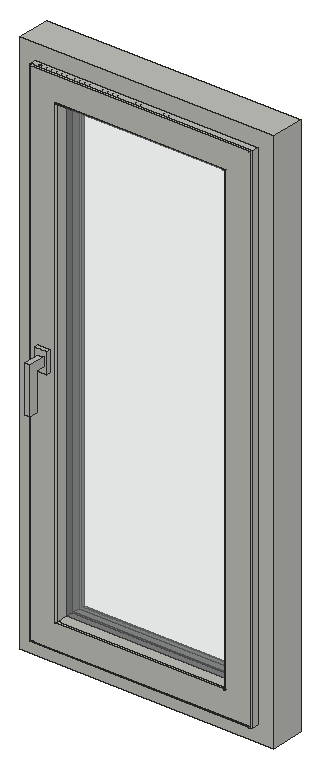
Revit family "2021_ES_Ventana_Replus_RE80-PVC-i30-10100", category Windows, host Wall, Revit 2021
Family settings
  Host = Wall
  OmniClass Number = 23.30.20.00
  OmniClass Title = Windows
  Always vertical = Yes
  Cut with Voids When Loaded = No
  Shared = No
  Room Calculation Point = No
Parameters (values of type "10100")
  Ι_Wll Thcknss [instance] = 200.000 mm
  Ι_Wdth Cntrl = if(Width < 429.000 mm, 429.000 mm, if(Width > 1514.000 mm, 1514.000 mm, Width))  # 600.000 mm
  Ι_Nst Cntrl [instance] = if(Retranqueo > Ι_Wll Thcknss - 80.000 mm, Ι_Wll Thcknss - 80.000 mm, if(Retranqueo = Ι_Wll Thcknss - 80.000 mm, Ι_Wll Thcknss - 80.000 mm, Retranqueo))  # 0.000 mm
  Ι_Hndl Hght Cntrl = if(Altura de Manilla < 200.000 mm, 200.000 mm, if(Altura de Manilla > Ι_Hght Cntrl - 200.000 mm, Ι_Hght Cntrl - 200.000 mm, Altura de Manilla))  # 650.000 mm
  Ι_Hght Cntrl = if(Height < 429.000 mm, 429.000 mm, if(Height > 2658.000 mm, 2658.000 mm, Height))  # 1300.000 mm
  Zona = ""
  Visibilidad Líneas Apertura - Planta = yes
  Visibilidad Líneas Apertura - Alzado = yes
  Vida Util Esperada = ""
  Version Estandar GDO-BIM = "GDO-BIM V02"  # constant formula
  Version = "RVT2021"  # constant formula
  Verano de transmitancia termica = 0
  Unidad Medicion = ""
  Unidad = ""
  Uniclass2015 Titulo = ""
  Uniclass2015 Codigo = ""
  URL de Declaracion de Prestaciones = ""
  URL Producto = "https://replus.es/bim/"
  URL Perfil BIM = "https://bimetica.com/es/objeto-bim-replus-ventana-re80-pvc-i30-1-hoja-oscilobatiente-11099.html"
  URL = "https://replus.es/"
  UNSPSC Titulo = "Windows"  # constant formula
  UNSPSC Codigo = "30171600"  # constant formula
  Transmitancia termica invierno = 0
  Transmitancia solar = 0
  Transmitancia de ganancia de calor solar = 0
  Transmision de luz visible = 0
  Titular = "Regicarp, S.L."  # constant formula
  Tipo Embalaje Proteccion = ""
  Tiene antepecho interno = no
  Tiene antepecho externo = no
  Tiempo Util De Vida = ""
  Tiempo Medio Entre Fallos = ""
  Telefono Contacto = "+34 966544310"  # constant formula
  Soporte tecnico BIM = "https://bimsupport.info/es/fabricantes/regicarp-replus-bim/"
  Sistema = ""
  Serie = ""
  Responsable Seguridad = ""
  Responsable Prescripcion = ""
  Responsable Compra = ""
  Residuos Peligrosos por Unidad = 0
  Residuos No Peligrosos por Unidad = 0
  Residuo Radioactivo por Unidad = 0
  Residuo Inerte por Unidad = 0
  Reflectancia solar = 0
  Reflectancia de luz visible = 0
  Referencia Unidad Funcional = ""
  Referencia Lote = ""
  Referencia Contacto Soporte Tecnico = ""
  Referencia Contacto Comercial Venta = ""
  Referencia = "RE 80/PVC/i30"
  Punto de Contacto = ""
  Proteccion con Malla = no
  Plataforma descaga contenido BIM = "www.bimetica.com"
  Periodo Garantia = ""
  Partida URL = ""
  Pais de Venta = ""
  Omniclass Titulo = "Plastic Windows"  # constant formula
  Omniclass Codigo = "23-17 13 17"  # constant formula
  Numero de Licencia = "XXXXXXXX8182 / No-aportada por bimboject AB (anterior)"  # constant formula
  Numero de Declaracion de Prestaciones = ""
  Numero Serie = ""
  Numero Articulo Global Comercial = ""
  Numero Articulo = ""
  Nivel de Riesgo = ""
  Material Envoltura = ""
  Material Contenedor = ""
  Material = PVC - Replus - 9152 - White
  Masterformat Titulo = "Plastic Windows"  # constant formula
  Masterformat Codigo = "08 53 00"  # constant formula
  Marcado CE = yes
  Mantenimiento = ""
  Lugar Ensamblaje = ""
  Instrucciones Especiales = ""
  Informacion Tecnica = ""
  IfcExportType = "Oscilobatiente"
  IfcExportAs = "IfcWindow"  # constant formula
  Identificador Garantia = ""
  Historial = "(RVT2021) Actualización GDO-BIM (RVT2015) Creacion de Elemento"
  Gubimclass Titulo = "Ventanas de fachadas"  # constant formula
  Gubimclass Codigo = "30.10.20.10"  # constant formula
  Gas de Relleno = ""
  Garantia Extendida = no
  Fuente Datos LCA = ""
  Formacion Fotoquimica Ozono por Unidad = 0
  Fecha Vencimiento Elemento BIM = ""
  Fecha Suministro = ""
  Fecha Inicio Garantia = ""
  Fecha Fin Garantia = ""
  Fecha Evaluacion = ""
  Fecha Emision Elemento BIM = ""
  Fecha Compra = ""
  Fecha Colocacion = ""
  Fase Ciclo Vida = ""
  Falta de Recursos por Unidad = 0
  Exclusiones = ""
  Eutrofizacion por Unidad = 0
  Etiqueta Modelo = ""
  Estandar seguridad = ""
  Espesor de vidrio 3 = 0.000 mm
  Espesor de vidrio 2 = 0.000 mm
  Espesor de vidrio 1 = 0.000 mm
  Espacio libre acceso = 0.000 mm
  Espacio = ""
  Es templado = no
  Es recubierto = no
  Es laminado = no
  Es Exterior = yes
  Es Accesible = no
  Energia consumida = 0
  Energia Renovable Consumida por Unidad = 0
  Energia Primaria Total Consumida por Unidad = 0
  Energia No Renovable Consumida por Unidad = 0
  Email Contacto = "info@replus.es"  # constant formula
  Destruccion Capa Ozono Estratosferica por Unidad = 0
  Descripcion Evaluacion = ""
  Dependiente De = ""
  Declaracion Ambiental de Producto URL = ""
  Creditos LEED = ""
  Creditos BREEAM = ""
  Coste Mantenimiento = 0
  Contenido Garantia = ""
  Contacto = ""
  Condiciones de Venta = ""
  Condiciones Evaluacion = ""
  Color de vidrio = ""
  Coeficiente de sombreado = 0
  Codigo Barras = ""
  Codigo = ""
  Clasificacion de carga de viento = ""
  Capas de vidrio = 0
  Cambio Climatico por Unidad = 0
  COBie Categoria = "IfcWindow"
  Base Precio Producto 03 = ""
  Base Precio Producto 02 = ""
  Base Precio Producto 01 = ""
  Autor = "Bimetica Parametric Design Services S.L. (actual) / bimobject AB (anterior)"
  Ano Produccion = ""
  Rough Width = Ι_Wdth Cntrl + 2 * Hueco  # 620.000 mm
  Altura minima requerida = 0.000 mm
  Rough Height = Ι_Hght Cntrl + 2 * Hueco  # 1320.000 mm
  Retranqueo [instance] = 0.000 mm
  Product data url = ""
  Product Material = PVC - Replus - 9152 - White
  Product Guid = ""
  Model = "10100"
  Material secondary = "Glass"
  Material main = "PVC"
  Manufacturer = "Replus"
  Keynote = "08500"
  I_Lf_Cntrl = Ι_Wdth Cntrl - 2.000 mm * 36.8  # 526.400 mm
  Hueco = 10.000 mm
  Height = 1300.000 mm
  Exceso Dimensiones = or(and(Height < 429.000 mm, Advertencia Dimensión), and(Width < 429.000 mm, Advertencia Dimensión), and(Width > 1514.000 mm, Advertencia Dimensión), and(Height > 2658.000 mm, Advertencia Dimensión))  # no
  Edition number = 1
  Description = "Perfiles de hoja oculta en PVC, mejorando sustancialmente el campo visual, con triple junta (mediante junta rigida en el marco) protegiendo de esta manera todos los puntos de cierre, aumentando la seguridad y proporcionando una junta perimetral completa, con perfilería de clasificación máxima S-II-A"
  Default Sill Height = 800.000 mm
  Wall Closure = By host
  Width = 600.000 mm
  Assembly Code = "B2020100"
  Analytic Construction = "<None>"
  Altura de Manilla = 650.000 mm
  Agua Consumida por Unidad = 0
  Advertencia Dimensión = yes
  Acidificacion Atmosferica por Unidad = 0
  Acabado = ""
  Absorcion solar = 0
Reference planes
  plane 1 "Center (Front/Back)": y = 0
  plane 2 "Center (Left/Right)": x = 0
  plane 3 "Left": x = -310
  plane 4 "Right": x = 310
  plane 5 "Sill": z = 800
  plane 6 "Head": z = 2120
  plane 7 "Exterior": y = 100
  plane 8 "Interior": y = -100
  plane 9: x = -300
  plane 10: x = 300
  plane 11 "Inset": y = -20
  plane 12: z = 2110
  plane 13: z = 810
  plane 14: x = -263.2
  plane 15: x = 263.2
  plane 16: z = 2073.2
  plane 17: z = 846.8
  plane 18: z = 1994.002
  plane 19: z = 910.8
  plane 20: x = 197.2
  plane 21: z = 1460
  plane 22: x = 228.2
  plane 23: x = -228.2
  plane 24: x = 0
  plane 25: y = -55
  plane 26: y = -104.304
  plane 27: y = 500
  plane 28: y = -50
  plane 29: x = -199.2
  plane 30: x = 184.002
  plane 31: y = -38.5
  plane 32: y = -118.5
  plane 33 "g3": z = 900.8
  plane 34: y = -78.5
  plane 35: x = -208.128
  plane 36: y = -106.5
  plane 37: z = 894.8
  plane 38: z = 2025.2
  plane 39: y = -42.5
  plane 40: x = 199.2
  plane 41: y = -46.5
  plane 42: y = -64.5
  plane 43: y = -68.5
  plane 44: y = -86.5
  plane 45: y = -90.5
  plane 46: x = -215.2
  plane 47: x = 215.2
  plane 48: x = 220.2
  plane 49: x = -220.2
  plane 50: z = 2009.2
  plane 51: z = 2030.2
  plane 52: z = 889.8
  plane 53: y = -100
Forms (mm)
  Sweep 1, solid, material "PVC - Replus - 9152 - White" <- "Product Material", detail levels fine
    path origin (0, -20, 0) x (-1, 0, 0) y (0, 0, 1)
      loop
        line (300, 2110) -> (-300, 2110) -> (-300, 810) -> (300, 810) -> (300, 2110)
    profile origin (-300, -20, 1460) x (1, 0, 0) y (0, 1, 0)
      loop
        line (0, -80) -> (43.8, -80)
        arc (43.8, -80) -> (44.507, -79.707) -> (44.8, -79) r 1
        line (44.8, -79) -> (44.8, -38) -> (63.811, -38) -> (63.811, -18.5) -> (75.767, -18.5)
        arc (75.767, -18.5) -> (76.56, -18.109) -> (76.733, -17.241) r 1
        line (76.733, -17.241) -> (72.709, -2.224)
        arc (72.709, -2.224) -> (71.637, -0.62) -> (69.811, 0) r 3
        line (69.811, 0) -> (0, 0) -> (0, -80)
  Sweep 2, solid, material "PVC - Replus - 9152 - White" <- "Product Material", detail levels medium
    path origin (0, -20, 0) x (-1, 0, 0) y (0, 0, 1)
      loop
        line (300, 2110) -> (-300, 2110) -> (-300, 810) -> (300, 810) -> (300, 2110)
    profile origin (-300, -20, 1460) x (1, 0, 0) y (0, 1, 0)
      loop
        line (0, -80) -> (56.8, -80) -> (56.8, -42) -> (69.8, -42) -> (69.8, -18.5) -> (76.662, -18.5) -> (76.662, 0) -> (0, 0) -> (0, -80)
  Sweep 3, solid, material "PVC - Replus - 9152 - White" <- "Product Material", detail levels coarse
    path origin (0, -20, 0) x (-1, 0, 0) y (0, 0, 1)
      loop
        line (300, 2110) -> (-300, 2110) -> (-300, 810) -> (300, 810) -> (300, 2110)
    profile origin (-300, -20, 1460) x (1, 0, 0) y (0, 1, 0)
      loop
        line (0, -80) -> (56.8, -80) -> (56.8, -18.5) -> (76.662, -18.5) -> (76.662, 0) -> (0, 0) -> (0, -80)
  Sweep 4, solid, material "PVC - Replus - 9152 - White" <- "Product Material", detail levels fine
    path origin (0, -20, 0) x (-1, 0, 0) y (0, 0, 1)
      loop
        line (263.2, 2073.2) -> (-263.2, 2073.2) -> (-263.2, 846.8) -> (263.2, 846.8) -> (263.2, 2073.2)
    profile origin (-263.2, -20, 1460) x (1, 0, 0) y (0, 1, 0)
      loop
        line (33, -32.5) -> (33, -42) -> (27.5, -42) -> (20, -42) -> (20, -80) -> (7.5, -80) -> (0, -80) -> (0, -95.5)
        arc (0, -95.5) -> (0.879, -97.621) -> (3, -98.5) r 3
        line (3, -98.5) -> (61, -98.5)
        arc (61, -98.5) -> (63.121, -97.621) -> (64, -95.5) r 3
        line (64, -95.5) -> (64, -70.5) -> (43, -70.5) -> (43, -22.5) -> (40.495, -22.5) -> (33, -22.5) -> (33, -32.5)
  Sweep 5, solid, material "PVC - Replus - 9152 - White" <- "Product Material", detail levels medium
    path origin (0, -20, 0) x (-1, 0, 0) y (0, 0, 1)
      loop
        line (263.2, 2073.2) -> (-263.2, 2073.2) -> (-263.2, 846.8) -> (263.2, 846.8) -> (263.2, 2073.2)
    profile origin (-263.2, -20, 1460) x (1, 0, 0) y (0, 1, 0)
      loop
        line (20, -42) -> (20, -80) -> (0, -80) -> (0, -98.5) -> (64, -98.5) -> (64, -70.5) -> (43, -70.5) -> (43, -22.5) -> (33, -22.5) -> (33, -42) -> (20, -42)
  Sweep 6, solid, material "PVC - Replus - 9152 - White" <- "Product Material", detail levels coarse
    path origin (0, -20, 0) x (-1, 0, 0) y (0, 0, 1)
      loop
        line (263.2, 2073.2) -> (-263.2, 2073.2) -> (-263.2, 846.8) -> (263.2, 846.8) -> (263.2, 2073.2)
    profile origin (-263.2, -20, 1460) x (1, 0, 0) y (0, 1, 0)
      loop
        line (20, -75.1) -> (20, -80) -> (7.5, -80) -> (0, -80) -> (0, -98.5) -> (64, -98.5) -> (64, -18.5) -> (43, -18.5) -> (40.495, -18.5) -> (20, -18.5) -> (20, -75.1)
  Extrusion 7, solid, material "Glass - Replus", detail levels fine
    sketch origin (0, 0, 0) x (1, 0, 0) y (0, 1, 0)
      loop
        line (-215.2, -42.5) -> (-215.2, -46.5) -> (215.2, -46.5) -> (215.2, -42.5) -> (-215.2, -42.5)
      loop
        line (-215.2, -64.5) -> (-215.2, -68.5) -> (215.2, -68.5) -> (215.2, -64.5) -> (-215.2, -64.5)
      loop
        line (-215.2, -86.5) -> (-215.2, -90.5) -> (215.2, -90.5) -> (215.2, -86.5) -> (-215.2, -86.5)
    from 894.8 to 2025.2
  Extrusion 8, solid, material "Glass - Replus", detail levels medium
    sketch origin (0, 0, 0) x (1, 0, 0) y (0, 1, 0)
      loop
        line (-220.2, -42.5) -> (-220.2, -90.5) -> (220.2, -90.5) -> (220.2, -42.5) -> (-220.2, -42.5)
    from 889.8 to 2030.2
  Sweep 9, solid, material "Rubber - Replus - Black", detail levels fine
    path origin (0, -20, 0) x (-1, 0, 0) y (0, 0, 1)
      loop
        line (263.2, 2073.2) -> (-263.2, 2073.2) -> (-263.2, 846.8) -> (263.2, 846.8) -> (263.2, 2073.2)
    profile origin (-263.2, -20, 1460) x (1, 0, 0) y (0, 1, 0)
      loop
        line (54.013, -66.5) -> (60, -66.5) -> (60, -48.5) -> (54.013, -48.5) -> (54.013, -66.5)
      loop
        line (54, -44.5) -> (60, -44.5) -> (60, -26.5) -> (54, -26.5) -> (54, -44.5)
  Extrusion 10, solid, material "Glass - Replus", detail levels coarse
    sketch origin (0, 0, 0) x (1, 0, 0) y (0, 1, 0)
      loop
        line (-199.2, -38.5) -> (-199.2, -118.5) -> (199.2, -118.5) -> (199.2, -38.5) -> (-199.2, -38.5)
    from 910.8 to 2009.2
  Sweep 11, solid, material "Rubber - Replus - Black", detail levels medium+fine
    path origin (0, -20, 0) x (-1, 0, 0) y (0, 0, 1)
      loop
        line (263.2, 2073.2) -> (-263.2, 2073.2) -> (-263.2, 846.8) -> (263.2, 846.8) -> (263.2, 2073.2)
    profile origin (-263.2, -20, 1460) x (1, 0, 0) y (0, 1, 0)
      loop
        line (33, -18.5) -> (33, -22.5) -> (64, -22.5) -> (64, -18.5) -> (33, -18.5)
Lines and regions (mm)
  Opening 1
    outline origin (3500, -100, 0) x (1, 0, 0) y (0, 0, 1)
      loop
        line (-3190, 800) -> (-3190, 2120) -> (-3810, 2120) -> (-3810, 800) -> (-3190, 800)
  symbolic lines, style "Hidden Lines Black", visible <- "Visibilidad Líneas Apertura - Alzado"
    curve 1: line (0, -20, 1994.002) -> (-199.2, -20, 910.8)
    curve 2: line (0, -20, 1994.002) -> (184.002, -20, 910.8)
    curve 3: line (-199.2, -20, 1460) -> (184.002, -20, 1994.002)
    curve 4: line (-199.2, -20, 1460) -> (184.002, -20, 910.8)
  symbolic lines, detail levels coarse
    curve 5: line (-199.2, -78.5, 0) -> (199.2, -78.5, 0)
    curve 6: line (-310, -78.5, 2009.2) -> (-310, -78.5, 910.8)
  symbolic lines, visible <- "Visibilidad Líneas Apertura - Planta"
    curve 7: line (263.2, -118.5, 0) -> (263.2, -645.224, 0)
    curve 8: arc (-263.2, -118.5, 0) -> (-109.136, -490.93, 0) -> (263.2, -645.224, 0) r 526.4
  model lines, style "Hidden Lines Black", visible <- "Visibilidad Líneas Apertura - Alzado"
    curve 9: line (0, -57, 1994.002) -> (-199.2, -57, 910.8)
    curve 10: line (0, -57, 1994.002) -> (184.002, -57, 910.8)
    curve 11: line (-199.2, -57, 1460) -> (184.002, -57, 1994.002)
    curve 12: line (-199.2, -57, 1460) -> (184.002, -57, 910.8)
Text (mm)
  text "EXTERIOR" at (-1963.203, 1332.353, 0), in view "Ref. Level"
  text "INTERIOR" at (-1981.466, -818.386, 0), in view "Ref. Level"
  text "Exterior" at (0, 923.751, 2943.296), in view "Right"
  text "Exterior" at (0, 1040.484, 2685.409), in view "Left"
Dimensions and locks
  equal spacing: plane 3 "Left", plane 2 "Center (Left/Right)", plane 4 "Right"
  "Ι_Wdth Cntrl": plane 9 to plane 10
  "Ι_Hght Cntrl": plane 13 to plane 12
  "Default Sill Height": plane 5 "Sill" to level
  locked: plane 7 "Exterior" to host wall
  locked: plane 8 "Interior" to host wall
  "Hueco": plane 3 "Left" to plane 9
  "Hueco": plane 10 to plane 4 "Right"
  "Hueco": plane 6 "Head" to plane 12
  "Hueco": plane 13 to plane 5 "Sill"
  locked: plane 9 to plane 14 at 36.8
  locked: plane 15 to plane 10 at 36.8
  locked: plane 12 to plane 16 at 36.8
  locked: plane 17 to plane 13 at 36.8
  locked: plane 12 to plane 18 at 115.998
  locked: plane 20 to plane 10 at 102.8
  locked: plane 22 to plane 15 at 35
  locked: plane 14 to plane 23 at 35
  equal spacing: plane 10, plane 24, plane 9
  "Ι_Wll Thcknss": host wall to host wall
  plane 26 to plane 25 to plane 11 "Inset" = 49.304 mm locked, 35.000 mm locked
  locked: plane 27 to plane 7 "Exterior" at 400
  "Ι_Hndl Hght Cntrl": plane 21 to plane 13
  locked: plane 30 to plane 20 at 13.198
  plane 11 "Inset" to plane 31 to plane 32 = 18.500 mm locked, 80.000 mm locked
  equal spacing: plane 32, plane 34, plane 31
  locked: plane 36 to plane 26 at 2.196
  locked: plane 33 "g3" to plane 37 at 6
  locked: plane 20 to plane 40 at 2
  plane 11 "Inset" to plane 39 to plane 41 to plane 42 to plane 43 to plane 44 to plane 45 = 22.500 mm locked, 4.000 mm locked, 18.000 mm locked, 4.000 mm locked, 18.000 mm locked, 4.000 mm locked
  locked: plane 23 to plane 46 at 13
  locked: plane 46 to plane 29 at 16
  locked: plane 47 to plane 22 at 13
  locked: plane 47 to plane 48 at 5
  locked: plane 49 to plane 46 at 5
  locked: plane 12 to plane 38 at 84.8
  locked: plane 37 to plane 13 at 84.8
  locked: plane 19 to plane 13 at 100.8
  locked: plane 50 to plane 18 at 15.198
  locked: plane 51 to plane 38 at 5
  locked: plane 37 to plane 52 at 5
  locked: plane 11 "Inset" to plane 53 at 80
  "Ι_Nst Cntrl": plane 8 "Interior" to plane 53
  "I_Lf_Cntrl": radius of curve 8
  aligned and locked: plane 9 to Sweep 1 sketch curve
  aligned and locked: Sweep 1 sketch curve to plane 12
  aligned and locked: plane 10 to Sweep 1 sketch curve
  aligned and locked: plane 13 to Sweep 1 sketch curve
  aligned and locked: Sweep 2 sketch curve to plane 12
  aligned and locked: plane 9 to Sweep 2 sketch curve
  aligned and locked: plane 10 to Sweep 2 sketch curve
  aligned and locked: plane 13 to Sweep 2 sketch curve
  aligned and locked: plane 9 to Sweep 3 sketch curve
  aligned and locked: Sweep 3 sketch curve to plane 12
  aligned and locked: plane 10 to Sweep 3 sketch curve
  aligned and locked: plane 13 to Sweep 3 sketch curve
  aligned and locked: Sweep 4 sketch curve to plane 14
  aligned and locked: Sweep 4 sketch curve to plane 15
  aligned and locked: Sweep 4 sketch curve to plane 16
  aligned and locked: plane 17 to Sweep 4 sketch curve
  aligned and locked: Sweep 5 sketch curve to plane 16
  aligned and locked: Sweep 5 sketch curve to plane 14
  aligned and locked: Sweep 5 sketch curve to plane 15
  aligned and locked: plane 17 to Sweep 5 sketch curve
  aligned and locked: Sweep 6 sketch curve to plane 16
  aligned and locked: Sweep 6 sketch curve to plane 14
  aligned and locked: Sweep 6 sketch curve to plane 15
  aligned and locked: plane 17 to Sweep 6 sketch curve
  aligned and locked: plane 21 to curve 4
  aligned and locked: Sweep 9 sketch curve to plane 16
  aligned and locked: Sweep 9 sketch curve to plane 14
  aligned and locked: Sweep 9 sketch curve to plane 15
  aligned and locked: nested 2 to plane 27
  aligned and locked: plane 24 to nested 2
  aligned and locked: plane 34 to curve 5  (x2)
  aligned and locked: plane 34 to curve 6  (x2)
  aligned and locked: plane 19 to curve 6
  aligned and locked: plane 37 to Extrusion 7
  aligned and locked: Extrusion 7 to plane 38
  aligned and locked: plane 32 to curve 8
  aligned and locked: curve 7 to plane 15
  aligned and locked: plane 24 to curve 10
  aligned and locked: plane 18 to curve 9
  aligned and locked: plane 19 to curve 10
  aligned and locked: plane 30 to curve 10
  aligned and locked: plane 29 to curve 11
  aligned and locked: plane 18 to curve 11
  aligned and locked: plane 14 to curve 8
  aligned and locked: nested 1 to plane 23
  aligned and locked: nested 1 to plane 21
  aligned and locked: Extrusion 10 sketch curve to plane 40
  aligned and locked: Extrusion 10 sketch curve to plane 32
  aligned and locked: plane 40 to curve 5
  aligned and locked: Extrusion 7 sketch curve to plane 46  (x3)
  aligned and locked: plane 39 to Extrusion 7 sketch curve
  aligned and locked: Extrusion 7 sketch curve to plane 41
  aligned and locked: plane 42 to Extrusion 7 sketch curve
  aligned and locked: Extrusion 7 sketch curve to plane 43
  aligned and locked: plane 44 to Extrusion 7 sketch curve
  aligned and locked: Extrusion 7 sketch curve to plane 45
  aligned and locked: Extrusion 7 sketch curve to plane 47  (x3)
  aligned and locked: Extrusion 8 sketch curve to plane 45
  aligned and locked: Extrusion 8 sketch curve to plane 49
  aligned and locked: Extrusion 8 sketch curve to plane 48
  aligned and locked: plane 17 to Sweep 9 sketch curve
  aligned and locked: Sweep 11 sketch curve to plane 16
  aligned and locked: Sweep 11 sketch curve to plane 14
  aligned and locked: Sweep 11 sketch curve to plane 15
  aligned and locked: plane 17 to Sweep 11 sketch curve
  aligned and locked: plane 39 to Extrusion 8 sketch curve
  aligned and locked: Extrusion 10 sketch curve to plane 29
  aligned and locked: plane 29 to curve 5
  aligned and locked: plane 31 to Extrusion 10 sketch curve
  aligned and locked: Extrusion 10 to plane 19
  aligned and locked: plane 50 to Extrusion 10
  aligned and locked: plane 50 to curve 6
  aligned and locked: Extrusion 8 to plane 51
  aligned and locked: plane 52 to Extrusion 8
Automatic sketch dimensions
  Opening 1 sketch curve to plane 3 "Left" = 0.000 mm
  Opening 1 sketch curve to plane 4 "Right" = 0.000 mm
  Opening 1 sketch curve to plane 5 "Sill" = 0.000 mm
  Opening 1 sketch curve to plane 6 "Head" = 0.000 mm
  Sweep 3 sketch curve to profile plane = 0.000 mm
  Sweep 3 sketch curve to profile plane = 56.800 mm
  Sweep 3 sketch curve to plane 11 "Inset" = 18.500 mm
  Sweep 3 sketch curve to Sweep 3 sketch curve = 19.862 mm
  Sweep 3 sketch curve to plane 11 "Inset" = 80.000 mm
  plane 11 "Inset" to Sweep 3 sketch curve = 0.000 mm
  Sweep 1 sketch curve to profile plane = 0.000 mm
  Sweep 1 sketch curve to plane 11 "Inset" = 0.000 mm
  Sweep 1 sketch curve to profile plane = 43.800 mm
  Sweep 1 sketch curve to Sweep 1 sketch curve = 1.000 mm
  Sweep 1 sketch curve to plane 11 "Inset" = 2.224 mm
  Sweep 1 sketch curve to Sweep 1 sketch curve = 2.898 mm
  Sweep 1 sketch curve to Sweep 1 sketch curve = 11.956 mm
  Sweep 1 sketch curve to plane 11 "Inset" = 17.241 mm
  Sweep 1 sketch curve to Sweep 1 sketch curve = 0.966 mm
  Sweep 1 sketch curve to Sweep 1 sketch curve = 41.000 mm
  profile plane to Sweep 2 sketch curve = 0.000 mm
  Sweep 2 sketch curve to plane 11 "Inset" = 0.000 mm
  Sweep 2 sketch curve to Sweep 2 sketch curve = 56.800 mm
  Sweep 2 sketch curve to Sweep 2 sketch curve = 18.500 mm
  Sweep 2 sketch curve to Sweep 2 sketch curve = 38.000 mm
  Sweep 1 sketch curve to Sweep 1 sketch curve = 5.956 mm
  Sweep 1 sketch curve to Sweep 1 sketch curve = 1.259 mm
  Sweep 1 sketch curve to Sweep 1 sketch curve = 19.011 mm
  Sweep 1 sketch curve to Sweep 1 sketch curve = 19.500 mm
  Sweep 2 sketch curve to Sweep 2 sketch curve = 13.000 mm
  Sweep 2 sketch curve to Sweep 2 sketch curve = 6.862 mm
  Sweep 2 sketch curve to Sweep 2 sketch curve = 23.500 mm
  Sweep 9 sketch curve to profile plane = 54.000 mm
  Sweep 9 sketch curve to Sweep 9 sketch curve = 0.013 mm
  Sweep 9 sketch curve to Sweep 9 sketch curve = 6.000 mm
  Sweep 9 sketch curve to Sweep 9 sketch curve = 0.000 mm
  Sweep 9 sketch curve to plane 11 "Inset" = 66.500 mm
  Sweep 9 sketch curve to Sweep 9 sketch curve = 18.000 mm  (x2)
  Sweep 9 sketch curve to Sweep 9 sketch curve = 4.000 mm
  plane 32 to curve 7 = 0.000 mm
  curve 8 to plane 15 = 0.000 mm
  curve 4 to plane 19 = 0.000 mm
  curve 4 to plane 30 = 0.000 mm
  plane 2 "Center (Left/Right)" to curve 2 = 0.000 mm
  curve 1 to plane 19 = 0.000 mm
  plane 29 to curve 1 = 0.000 mm
  plane 29 to curve 4 = 0.000 mm
  curve 2 to plane 18 = 0.000 mm
  curve 3 to plane 18 = 0.000 mm
  curve 11 to plane 30 = 0.000 mm
  curve 11 to plane 21 = 0.000 mm
  curve 3 to plane 30 = 0.000 mm
  Sweep 5 sketch curve to profile plane = 0.000 mm
  Sweep 5 sketch curve to profile plane = 20.000 mm
  Sweep 5 sketch curve to Sweep 5 sketch curve = 13.000 mm
  Sweep 5 sketch curve to Sweep 5 sketch curve = 23.000 mm
  Sweep 5 sketch curve to Sweep 5 sketch curve = 21.000 mm
  Sweep 5 sketch curve to plane 11 "Inset" = 98.500 mm
  Sweep 5 sketch curve to Sweep 5 sketch curve = 18.500 mm
  Sweep 5 sketch curve to Sweep 5 sketch curve = 28.000 mm
  Sweep 5 sketch curve to plane 11 "Inset" = 42.000 mm
  Sweep 5 sketch curve to Sweep 5 sketch curve = 19.500 mm
  Sweep 6 sketch curve to profile plane = 0.000 mm
  Sweep 6 sketch curve to Sweep 6 sketch curve = 7.500 mm
  Sweep 6 sketch curve to Sweep 6 sketch curve = 12.500 mm
  Sweep 6 sketch curve to Sweep 6 sketch curve = 20.495 mm
  Sweep 6 sketch curve to Sweep 6 sketch curve = 2.505 mm
  Sweep 6 sketch curve to Sweep 6 sketch curve = 21.000 mm
  Sweep 6 sketch curve to plane 11 "Inset" = 98.500 mm
  Sweep 6 sketch curve to Sweep 6 sketch curve = 18.500 mm
  Sweep 6 sketch curve to Sweep 6 sketch curve = 4.900 mm
  Sweep 6 sketch curve to plane 11 "Inset" = 18.500 mm
  curve 9 to plane 19 = 0.000 mm
  plane 29 to curve 9 = 0.000 mm
  Sweep 4 sketch curve to profile plane = 0.000 mm
  Sweep 4 sketch curve to profile plane = 3.000 mm
  Sweep 4 sketch curve to Sweep 4 sketch curve = 7.500 mm  (x2)
  Sweep 4 sketch curve to Sweep 4 sketch curve = 12.500 mm
  Sweep 4 sketch curve to Sweep 4 sketch curve = 5.500 mm
  Sweep 4 sketch curve to Sweep 4 sketch curve = 7.495 mm
  Sweep 4 sketch curve to Sweep 4 sketch curve = 23.000 mm
  Sweep 4 sketch curve to Sweep 4 sketch curve = 18.000 mm
  Sweep 4 sketch curve to Sweep 4 sketch curve = 21.000 mm
  Sweep 4 sketch curve to plane 11 "Inset" = 98.500 mm
  Sweep 4 sketch curve to Sweep 4 sketch curve = 15.500 mm
  Sweep 4 sketch curve to Sweep 4 sketch curve = 25.000 mm
  Sweep 4 sketch curve to Sweep 4 sketch curve = 28.500 mm
  Sweep 4 sketch curve to Sweep 4 sketch curve = 19.500 mm
  Sweep 4 sketch curve to Sweep 4 sketch curve = 9.500 mm
  Sweep 11 sketch curve to plane 11 "Inset" = 22.500 mm
  Sweep 11 sketch curve to profile plane = 64.000 mm
  Sweep 11 sketch curve to Sweep 11 sketch curve = 4.000 mm
  Sweep 11 sketch curve to Sweep 11 sketch curve = 31.000 mm
Nested families
  nested 1: "Handle" at (-228.2, -118.5, 1460) x (1, 0, 0) z (0, -1, 0), type "Handle", detail levels medium+fine
  nested 2: "Dimensions Overconstraint Warning" at (0, 500, 0), visible <- "Exceso Dimensiones", type "Dimensions Overconstraint Warning"
Definition of nested family "Handle"
  Parameters (values of type "Handle")
    Material = none
    Default Elevation = 1219.200 mm
  Reference planes
    plane 1 "Centre (avant/arrière)": y = 0
    plane 2: z = 0
    plane 3 "Centre (gauche/droite)": x = 0
    plane 4: z = 40
    plane 5: y = -100
    plane 6 "Plaque": z = 10
    plane 7: x = -6
  Forms (mm)
    Extrusion 1, solid
      sketch origin (0, 0, 0) x (1, 0, 0) y (0, 1, 0)
        loop
          line (-1219.2, 1219.2) -> (-1219.2, -1219.2) -> (1219.2, -1219.2) -> (1219.2, 1219.2) -> (-1219.2, 1219.2)
      from 0 to -304.8
    Extrusion 2, solid, material <- "Material"
      sketch origin (0, 0, 0) x (1, 0, 0) y (0, 1, 0)
        loop
          line (-14.231, 24.783) -> (-14.231, -24.783) -> (14.231, -24.783) -> (14.231, 24.783) -> (-14.231, 24.783)
      from 0 to 10
    Sweep 3, solid, material <- "Material"
      path origin (0, 0, 0) x (0, 1, 0) y (0, 0, 1)
        loop
          line (0, 10) -> (0, 40) -> (-100, 40)
      profile origin (0, 0, 25) x (0, -1, 0) y (1, 0, 0)
        loop
          line (10, -6) -> (10, 6) -> (-10, 6) -> (-10, -6) -> (10, -6)
  Dimensions and locks
    plane 4 to plane 2 = 40.000 mm
    plane 5 to plane 1 "Centre (avant/arrière)" = 100.000 mm
    equal spacing: Extrusion 2 sketch curve, plane 3 "Centre (gauche/droite)", Extrusion 2 sketch curve
    equal spacing: Extrusion 2 sketch curve, plane 1 "Centre (avant/arrière)", Extrusion 2 sketch curve
    Extrusion 2 sketch curve to Extrusion 2 sketch curve = 28.462 mm
    Extrusion 2 sketch curve to Extrusion 2 sketch curve = 49.566 mm
    locked: plane 7 to plane 3 "Centre (gauche/droite)" at 6
    aligned and locked: plane 2 to Extrusion 1
    aligned and locked: level to Extrusion 1
    aligned and locked: plane 6 "Plaque" to Extrusion 2
    aligned and locked: plane 6 "Plaque" to Sweep 3 sketch curve
    aligned and locked: plane 5 to Sweep 3 sketch curve
    aligned and locked: Sweep 3 sketch curve to plane 4
    aligned and locked: Sweep 3 sketch curve to plane 1 "Centre (avant/arrière)"
Definition of nested family "Dimensions Overconstraint Warning"
  Parameters (values of type "Dimensions Overconstraint Warning")
    Warning = "!"
    W warning = "300<Height<2250"
    Turn off notification = "For other dimensions, please contact K.Line/ Turn off notification"
    Text = "DIMENSIONS OVERCONSTRAINT"
    H warning = "300 mm<Width<1000 mm"
  Reference planes
    plane 1: y = 0
    plane 2: x = 0
  Lines and regions (mm)
    Filled region 1, type "Filled region 1"
      outline origin (0, 0, 0) x (1, 0, 0) y (0, 1, 0)
        loop
          line (0, 4.243) -> (-4.243, 0) -> (0, -4.243) -> (4.243, 0) -> (0, 4.243)
  Text (mm)
    label "!" at (-0.078, 0.428, 0), shows "Warning"
    label "DIMENSION OVERCONSTRAINT" at (1.291, -15.948, 0), shows "Text"
